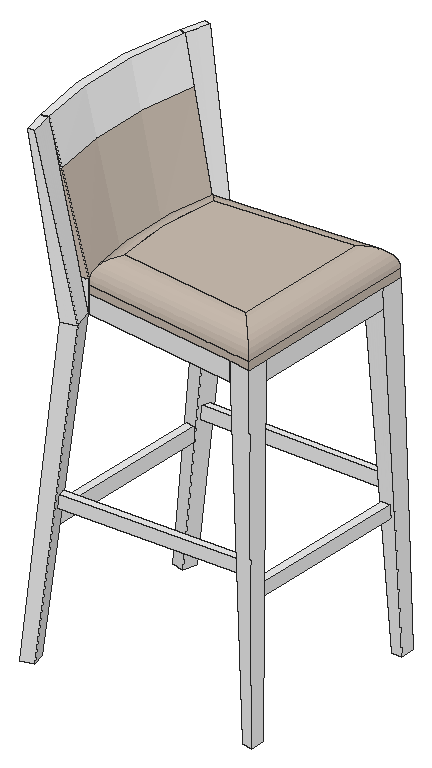
Revit family "Furniture_Chair_AZURE 4.1", category Furniture, Revit 2019
Family settings
  OmniClass Number = 23.21.23.15.17
  Work Plane-Based = Yes
  Always vertical = No
  Cut with Voids When Loaded = No
  Shared = No
  Room Calculation Point = No
Parameters (values of type "AZURE 4.1")
  Youtube clip = ""
  Uniformat II Description = "Movable Furnishings"
  Uniformat II Code = ""
  Uniclass 2015 Name = ""
  Uniclass 2015 Code = ""
  Uniclass 2.0 Description = ""
  Uniclass 2.0 Code = ""
  Uniclass 1.4 Description = ""
  Uniclass 1.4 Code = ""
  UNSPSC Code = ""
  Technical description = ""
  Shell Material = Leather - Wheat CPC21
  Frame Material = Plastic - NCS S0502-B Traffic White
  Region South America = "All"
  Region Oceania = "All"
  Region North America = "All"
  Region Middle East = "All"
  Region Europe = "All"
  Region Asia = "All"
  Region Antarctica = "All"
  Region Africa = "All"
  QR code = "https://www.sandlerseating.com/product/azure-4-1/"
  Product url = "https://www.sandlerseating.com/product/azure-4-1/"
  Product name = "AZURE 4.1"
  Product group = "Chair"
  Product family = "Furniture"
  Product data url = "https://www.sandlerseating.com/product/azure-4-1/"
  Product certification = ""
  Product SKU = "??"
  Product Guid = "??"
  OmniClass Description = ""
  OmniClass Code = "23-21 23 15 17"
  NBS Reference Description = ""
  NBS Reference Code = ""
  Model = "AZURE 4.1"
  Masterformat 2014 Description = "Chair Mats"
  Masterformat 2014 Code = "12 48 43.13"
  Manufacturer name = "Sandler"
  Manufacturer country = "USA"
  Manufacturer = "Sandler"
  Installation instructions = ""
  IFC Classification = "Furnishing Element"
  GTIN code = ""
  Edition number = 1
  Design country = "Brasil"
  Description = "Chair"
  Default Elevation = 0.000 mm
  Date of publishing = ""
  COBIe Type Category = ""
  Brand url = "https://www.sandlerseating.com/"
  BIMobject main category code = "furniture"
  BIMobject main category = "Furniture"
  BIMobject category code = "furniture-chair"
  BIMobject category = "Chair"
Reference planes
  plane 1 "Center Front/Back": y = 0
  plane 2: z = 0
  plane 3 "Center Left/Right": x = 0
Forms (mm)
  Blend 1, solid, material "Plastic - NCS S0502-B Traffic White" <- "Frame Material"
    base sketch origin (0, 0, 840) x (-1, 0, 0) y (0, -1, 0)
      loop
        line (213.465, 233.374) -> (199.618, 230.177) -> (211.289, 179.625) -> (225.136, 182.822) -> (213.465, 233.374)
    top sketch origin (0, 0, 840) x (-1, 0, 0) y (0, -1, 0)
      loop
        line (161.503, 212.709) -> (130.618, 205.009) -> (140.864, 163.916) -> (171.748, 171.616) -> (161.503, 212.709)
    from 179.577 to -175.767
  Blend 2, solid, material "Plastic - NCS S0502-B Traffic White" <- "Frame Material"
    base sketch origin (0, 0, 840) x (-1, 0, 0) y (0, -1, 0)
      loop
        line (161.503, 212.709) -> (130.618, 205.009) -> (140.864, 163.916) -> (171.748, 171.616) -> (161.503, 212.709)
    top sketch origin (0, 0, 840) x (-1, 0, 0) y (0, -1, 0)
      loop
        line (239.094, 220.954) -> (213.794, 214.646) -> (221.258, 184.708) -> (246.338, 191.9) -> (239.094, 220.954)
    from -175.767 to -840
  Blend 3, solid, material "Plastic - NCS S0502-B Traffic White" <- "Frame Material"
    base sketch origin (0, 0, 840) x (-1, 0, 0) y (0, -1, 0)
      loop
        line (213.465, -233.374) -> (225.136, -182.822) -> (211.289, -179.625) -> (199.618, -230.177) -> (213.465, -233.374)
    top sketch origin (0, 0, 840) x (-1, 0, 0) y (0, -1, 0)
      loop
        line (161.503, -212.709) -> (171.748, -171.616) -> (140.864, -163.916) -> (130.618, -205.009) -> (161.503, -212.709)
    from 179.577 to -175.767
  Blend 4, solid, material "Plastic - NCS S0502-B Traffic White" <- "Frame Material"
    base sketch origin (0, 0, 840) x (-1, 0, 0) y (0, -1, 0)
      loop
        line (161.503, -212.709) -> (171.748, -171.616) -> (140.864, -163.916) -> (130.618, -205.009) -> (161.503, -212.709)
    top sketch origin (0, 0, 840) x (-1, 0, 0) y (0, -1, 0)
      loop
        line (239.094, -220.954) -> (246.338, -191.9) -> (221.258, -184.708) -> (213.794, -214.646) -> (239.094, -220.954)
    from -175.767 to -840
  Extrusion 5, solid, material "Plastic - NCS S0502-B Traffic White" <- "Frame Material"
    sketch origin (0, 0, 840) x (-1, 0, 0) y (0, -1, 0)
      loop
        arc (140.985, 163.459) -> (162.289, 0) -> (140.985, -163.459) r 637.754
        line (140.985, -163.459) -> (171.748, -171.616)
        arc (171.748, -171.616) -> (190.643, 0) -> (171.748, 171.616) r 788.805
        line (171.748, 171.616) -> (140.985, 163.459)
    from -175.767 to -109.213
  Blend 6, solid, material "Plastic - NCS S0502-B Traffic White" <- "Frame Material"
    base sketch origin (0, 0, 840) x (-1, 0, 0) y (0, -1, 0)
      loop
        line (-181.766, -194.871) -> (-183.12, -156.115) -> (-226.525, -154.599) -> (-226.525, -200.367) -> (-181.766, -194.871)
    top sketch origin (0, 0, 840) x (-1, 0, 0) y (0, -1, 0)
      loop
        line (-221.72, -182.464) -> (-242.749, -182.464) -> (-242.749, -211.798) -> (-221.72, -209.216) -> (-221.72, -182.464)
    from -137.541 to -840
  Blend 7, solid, material "Plastic - NCS S0502-B Traffic White" <- "Frame Material"
    base sketch origin (0, 0, 840) x (-1, 0, 0) y (0, -1, 0)
      loop
        line (-181.766, 194.871) -> (-226.525, 200.367) -> (-226.525, 154.599) -> (-183.12, 156.115) -> (-181.766, 194.871)
    top sketch origin (0, 0, 840) x (-1, 0, 0) y (0, -1, 0)
      loop
        line (-221.72, 182.464) -> (-221.72, 209.216) -> (-242.749, 211.798) -> (-242.749, 182.464) -> (-221.72, 182.464)
    from -137.541 to -840
  Extrusion 8, solid, material "Plastic - NCS S0502-B Traffic White" <- "Frame Material"
    sketch origin (0, 0, 840) x (-1, 0, 0) y (0, -1, 0)
      loop
        line (-181.766, 194.871) -> (-182.443, 175.493) -> (145.927, 143.534)
        arc (145.927, 143.534) -> (143.539, 153.522) -> (140.958, 163.462) r 529.609
        line (140.958, 163.462) -> (-181.766, 194.871)
    from -175.767 to -137.541
  Extrusion 9, solid, material "Plastic - NCS S0502-B Traffic White" <- "Frame Material"
    sketch origin (0, 0, 840) x (-1, 0, 0) y (0, -1, 0)
      loop
        line (-226.525, 155.357) -> (-226.525, -155.357) -> (-204.822, -155.357) -> (-204.822, 155.357) -> (-226.525, 155.357)
    from -175.767 to -137.541
  Extrusion 10, solid, material "Plastic - NCS S0502-B Traffic White" <- "Frame Material"
    sketch origin (0, 0, 840) x (-1, 0, 0) y (0, -1, 0)
      loop
        line (-181.766, -194.871) -> (140.958, -163.462)
        arc (140.958, -163.462) -> (143.539, -153.522) -> (145.927, -143.534) r 529.609
        line (145.927, -143.534) -> (-182.443, -175.493) -> (-181.766, -194.871)
    from -175.767 to -137.541
  Blend 11, solid, material "Leather - Wheat CPC21" <- "Shell Material"
    base sketch origin (0, 0, 840) x (-1, 0, 0) y (0, -1, 0)
      loop
        line (211.286, -179.638) -> (225.136, -182.822)
        arc (225.136, -182.822) -> (248.483, 0) -> (225.136, 182.822) r 727.49
        line (225.136, 182.822) -> (211.286, 179.638)
        arc (211.286, 179.638) -> (231.667, 0) -> (211.286, -179.638) r 801.873
    top sketch origin (0, 0, 840) x (-1, 0, 0) y (0, -1, 0)
      loop
        arc (140.985, 163.459) -> (162.289, 0) -> (140.985, -163.459) r 637.754
        line (140.985, -163.459) -> (171.748, -171.616)
        arc (171.748, -171.616) -> (190.643, 0) -> (171.748, 171.616) r 788.805
        line (171.748, 171.616) -> (140.985, 163.459)
    from 179.577 to -109.213
  Extrusion 12, solid, material "Leather - Wheat CPC21" <- "Shell Material"
    sketch origin (0, 0, 840) x (-1, 0, 0) y (0, -1, 0)
      loop
        line (-226.525, -199.228) -> (140.985, -163.459)
        arc (140.985, -163.459) -> (162.289, 0) -> (140.985, 163.459) r 637.754
        line (140.985, 163.459) -> (-226.525, 199.228) -> (-226.525, -199.228)
    from -137.541 to -70.767
  Sweep 13, void
    path in 3D
      loop
        line (226.525, 199.228, 769.233) -> (-140.985, 163.459, 769.233)
        arc (-140.985, 163.459, 769.233) -> (-162.289, 0, 769.233) -> (-140.985, -163.459, 769.233) r 637.754
        line (-140.985, -163.459, 769.233) -> (226.525, -199.228, 769.233) -> (226.525, 199.228, 769.233)
    profile origin (226.525, 0, 769.233) x (-1, 0, 0) y (0, 0, 1)
      loop
        line (0, 0) -> (0, -50)
        arc (0, -50) -> (14.645, -14.645) -> (50, 0) r 50
        line (50, 0) -> (0, 0)
  Extrusion 14, void
    sketch origin (0, 0, 0) x (0, 1, 0) y (0, 0, 1)
      loop
        line (259.208, 927.871) -> (259.208, 1028.598) -> (-260.792, 1028.598) -> (-260.792, 927.871) -> (259.208, 927.871)
    from -268.75 to -122.837
  Blend 15, solid, material "Plastic - NCS S0502-B Traffic White" <- "Frame Material"
    base sketch origin (0, 0, 840) x (-1, 0, 0) y (0, -1, 0)
      loop
        line (211.286, -179.638) -> (225.136, -182.822)
        arc (225.136, -182.822) -> (248.483, 0) -> (225.136, 182.822) r 727.49
        line (225.136, 182.822) -> (211.286, 179.638)
        arc (211.286, 179.638) -> (231.667, 0) -> (211.286, -179.638) r 801.873
    top sketch origin (0, 0, 840) x (-1, 0, 0) y (0, -1, 0)
      loop
        arc (140.985, 163.459) -> (162.289, 0) -> (140.985, -163.459) r 637.754
        line (140.985, -163.459) -> (171.748, -171.616)
        arc (171.748, -171.616) -> (190.643, 0) -> (171.748, 171.616) r 788.805
        line (171.748, 171.616) -> (140.985, 163.459)
    from 179.577 to -109.213
  Extrusion 16, void
    sketch origin (0, 0, 0) x (0, 1, 0) y (0, 0, 1)
      loop
        line (259.208, 927.871) -> (-260.792, 927.871) -> (-260.792, 652.871) -> (259.208, 652.871) -> (259.208, 927.871)
    from -241.538 to -122.837
  Blend 17, solid, material "Plastic - NCS S0502-B Traffic White" <- "Frame Material"
    base sketch origin (0, 0, 0) x (0, 1, 0) y (0, 0, 1)
      loop
        line (198.822, 326.708) -> (182.748, 326.708) -> (182.748, 299.709) -> (198.822, 299.709) -> (198.822, 326.708)
    top sketch origin (0, 0, 0) x (0, 1, 0) y (0, 0, 1)
      loop
        line (194.234, 335.03) -> (178.521, 335.03) -> (178.521, 308.358) -> (194.234, 308.358) -> (194.234, 335.03)
    from -195.905 to 221.068
  Blend 18, solid, material "Plastic - NCS S0502-B Traffic White" <- "Frame Material"
    base sketch origin (0, 0, 0) x (0, -1, 0) y (0, 0, -1)
      loop
        line (198.822, -326.708) -> (198.822, -299.709) -> (182.748, -299.709) -> (182.748, -326.708) -> (198.822, -326.708)
    top sketch origin (0, 0, 0) x (0, -1, 0) y (0, 0, -1)
      loop
        line (194.234, -335.03) -> (194.234, -308.358) -> (178.521, -308.358) -> (178.521, -335.03) -> (194.234, -335.03)
    from -195.905 to 221.068
  Extrusion 19, solid, material "Plastic - NCS S0502-B Traffic White" <- "Frame Material"
    sketch origin (997.738, 0, 0) x (1, 0, 0) y (0, 0, 1)
      loop
        line (-770.238, 260.409) -> (-770.238, 286.869) -> (-787.524, 286.869) -> (-787.524, 260.409) -> (-770.238, 260.409)
      loop
        line (-1189.59, 254.316) -> (-1189.59, 284.316) -> (-1206.453, 284.316) -> (-1206.453, 254.316) -> (-1189.59, 254.316)
    from -187.921 to 182.748
Cuts and joins
  Sweep 13 cuts Extrusion 12
  Extrusion 14 cuts Blend 11
  Extrusion 16 cuts Blend 15
Lines and regions (mm)
  sketch lines
    curve 1: line (226.525, -199.228, 769.233) -> (226.525, 199.228, 769.233)
    curve 2: line (226.525, 199.228, 769.233) -> (-140.985, 163.459, 769.233)
    curve 3: arc (-140.985, -163.459, 769.233) -> (-162.289, 0, 769.233) -> (-140.985, 163.459, 769.233) r 637.754
    curve 4: line (-140.985, -163.459, 769.233) -> (226.525, -199.228, 769.233)
Dimensions and locks
  aligned and locked: level to plane 2
